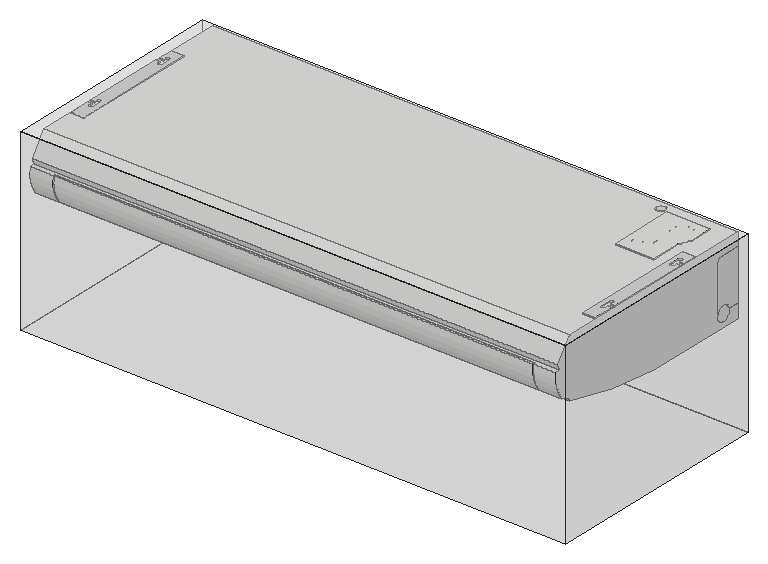
Revit family "outputfile", category 機械設備, Revit 2024
Family settings
  丸型コネクタ寸法 = 半径を使用
  パーツ タイプ = 標準
  OmniClass 番号 = 23.75.10.24.21.27.27
  OmniClass タイトル = Split System Air Conditioning Units
  作業面ベース = いいえ
  常に垂直 = はい
  ロード時にボイドで切り取り = いいえ
  注釈の向きを維持 = いいえ
  共有 = いいえ
  部屋計算ポイント = はい
Parameters (values of type "FHA140BVMA")
  Description = ""
  製造元 = "Daikin"
  書き出し IFC クラス(タイプ) = "IfcUnitaryEquipmentType"
  定義済み IFC タイプ(タイプ) = "AIRCONDITIONINGUNIT"
  Cost = 0
  モデル = "FHA140BVMA"
  Type Comments = ""
  Keynote = ""
  Type Image = (empty or 0)
  Assembly Code = ""
  switch_frequency = yes
  r_Liquid Pipe Size = Liquid Pipe Size / 2  # 4.75 mm
  r_Gas Pipe Size = Gas Pipe Size / 2  # 7.95 mm
  r_Drain Pipe Size = Drain Pipe Size / 2  # 10.0 mm
  l_powersupply [instance] = if(Rear Right Connection_powersupply, 29.0 mm, 175.0 mm)  # 29.0 mm
  h_mountinghole = 2.0 mm  # constant formula
  connector_voltage = Voltage_50Hz  # 230 V
  connector_powerinput = [Power Input (Cooling)]  # 4.130 kW
  connector_phase = Phase_50Hz  # 1
  angle_vertical_powersupply [instance] = if(Rear Right Connection_powersupply, 90.00°, 180.00°)  # 90.00°
  angle_vertical_drainpipe [instance] = if(or(Left Connection_drainpipe, Right Connection_drainpipe), 90.00°, if(Top Connection_drainpipe, 180.00°, -90.00°))  # -90.00°
  angle_horizontal_powersupply [instance] = if(Rear Right Connection_powersupply, 180.00°, 0.00°)  # 180.00°
  angle_horizontal_drainpipe [instance] = if(Right Connection_drainpipe, 90.00°, if(Left Connection_drainpipe, -90.00°, 0.00°))  # 0.00°
  Voltage_comment_60Hz = "220-230"
  Voltage_comment_50Hz = "220 - 240"
  Voltage_60Hz = 220 V
  Voltage_50Hz = 230 V
  URL = ""
  Total Heating Capacity [instance] = 0.000 kW
  Top Connection_refrigerant [instance] = no
  Top Connection_powersupply [instance] = not(Rear Right Connection_powersupply)  # no
  Right Connection_refrigerant [instance] = no
  Rear Right Connection_refrigerant [instance] = yes
  Power Input (Heating) = 4.770 kW
  Phase_60Hz = 1
  Phase_50Hz = 1
  Nominal Heating Capacity = 16.500 kW
  Minimum Circuit Amps_60Hz = 0.0 A
  Minimum Circuit Amps_50Hz = 0.0 A
  Maximum Fuse Amps_60Hz = 0.0 A
  Maximum Fuse Amps_50Hz = 0.0 A
  Material_Casing = DAIKIN_White_Casing_indoorunit
  lw_powersupply [instance] = if(Rear Right Connection_powersupply, 220.0 mm, 210.0 mm)  # 220.0 mm
  lw_mountinghole_pitch = Width - 40.0 mm  # 1550.0 mm
  lw_mountinghole = 20.0 mm  # constant formula
  lw_liquidpipe [instance] = if(Right Connection_refrigerant, 156.0 mm, if(Top Connection_refrigerant, 156.0 mm, 136.0 mm))  # 136.0 mm
  lw_gaspipe = 105.0 mm  # constant formula
  lw_drainpipe [instance] = if(Top Connection_drainpipe, 102.0 mm, if(Width = 960.0 mm, if(or(Left Connection_drainpipe, Rear Left Connection_drainpipe), 884.0 mm, 83.0 mm), if(Width = 1270.0 mm, if(or(Left Connection_drainpipe, Rear Left Connection_drainpipe), 1194.0 mm, 83.0 mm), if(Width = 1590.0 mm, if(or(Left Connection_drainpipe, Rear Left Connection_drainpipe), 1514.0 mm, 83.0 mm), 83.0 mm))))  # 83.0 mm
  lh_powersupply = 175.0 mm  # constant formula
  lh_liquidpipe [instance] = if(Rear Right Connection_refrigerant, 160.0 mm, 131.0 mm)  # 160.0 mm
  lh_gaspipe [instance] = if(Rear Right Connection_refrigerant, 150.0 mm, 91.0 mm)  # 150.0 mm
  lh_drainpipe = 197.0 mm  # constant formula
  l_antena = 1.0 mm  # constant formula
  ld_powersupply = 30.0 mm  # constant formula
  ld_mountinghole_pitch = 260.0 mm  # constant formula
  ld_mountinghole = 210.0 mm  # constant formula
  ld_liquidpipe [instance] = if(Right Connection_refrigerant, 57.0 mm, if(Top Connection_refrigerant, 189.0 mm, 221.0 mm))  # 221.0 mm
  ld_gaspipe [instance] = if(Right Connection_refrigerant, 57.0 mm, if(Top Connection_refrigerant, 163.0 mm, 214.0 mm))  # 214.0 mm
  ld_drainpipe [instance] = if(or(Left Connection_drainpipe, Right Connection_drainpipe), 57.0 mm, if(Top Connection_drainpipe, 87.0 mm, 268.0 mm))  # 268.0 mm
  l_liquidpipe_length [instance] = if(Right Connection_refrigerant, 156.0 mm, if(Top Connection_refrigerant, 131.0 mm, 220.0 mm))  # 220.0 mm
  l_gaspipe_length [instance] = if(Right Connection_refrigerant, 105.0 mm, if(Top Connection_refrigerant, 91.0 mm, 213.0 mm))  # 213.0 mm
  l_drainpipe_length [instance] = if(Right Connection_drainpipe, 83.0 mm, if(Top Connection_drainpipe, 197.0 mm, if(Left Connection_drainpipe, 76.0 mm, 267.0 mm)))  # 267.0 mm
  h*** = 0.0 mm  # constant formula
  angle_vertical [instance] = if(Right Connection_refrigerant, 90.00°, if(Top Connection_refrigerant, 180.00°, -90.00°))  # -90.00°
  angle_horizontal [instance] = if(Right Connection_refrigerant, 90.00°, 0.00°)  # 0.00°
  Width = 1590.0 mm
  Version = "ver.1.0"
  Unit Type = "Ceiling"
  Unit Mass Weight = 38.00 kg
  Unit Designation [instance] = ""
  Uniclass2015Version = "Products v1.30"
  Uniclass2015Title = "Split coil room air conditioning units"
  Uniclass2015Code = "Pr_70_65_03_86"
  Total Cooling Capacity [instance] = 0.000 kW
  Top Connection_drainpipe [instance] = no
  Sound Pressure Level_M speed (dBA) = 42
  Sound Pressure Level_L speed (dBA) = 38
  Sound Pressure Level_H speed (dBA) = 46
  Series = "SkyAir_Fan Coil Unit"
  Sensible Cooling Capacity [instance] = 0.000 kW
  Rear Right Connection_drainpipe [instance] = yes
  Rear Right Connection_powersupply [instance] = yes
  Right Connection_drainpipe [instance] = no
  Refrigerant Type = "R32"
  Power Input (Cooling) = 4.130 kW
  Option Accessory 3 [instance] = ""
  Option Accessory 2 [instance] = ""
  Option Accessory 1 [instance] = ""
  Nominal Cooling Capacity = 14.000 kW
  Minimum Airflow = 1440.00 m³/h
  Median Airflow = 1740.00 m³/h
  Maximum Airflow = 1920.00 m³/h
  Load Classification = HVAC
  Liquid Pipe Size = 9.5 mm
  Link_Nested Family [instance] = ""
  Rear Left Connection_drainpipe [instance] = no
  Left Connection_drainpipe [instance] = no
  IfcVersion = ""
  IfcExportType = "AIRCONDITIONINGUNIT"
  IfcExportAs = "IfcUnitaryEquipmentType"
  Height = 235.0 mm
  Heating Entering Wet Bulb Temperature [instance] = -273.15 °C
  Heating Entering Dry Bulb Temperature [instance] = -273.15 °C
  Heating Ambient Wet Bulb Temperature [instance] = -273.15 °C
  Heating Ambient Dry Bulb Temperature [instance] = -273.15 °C
  Heat Exchanger Type = "Cross Fin Coil"
  Gas Pipe Size = 15.9 mm
  Frequency_60Hz = 60 Hz
  Frequency_50Hz = 50 Hz
  Fan Type = "Sirocco Fan"
  Fan Drive = "-"
  FCU Tag No. [instance] = ""
  Drain Pipe Size = 20.0 mm
  Design Supply Airflow [instance] = 0.00 m³/h
  Design Outdoor Airflow [instance] = 0.00 m³/h
  Depth = 690.0 mm
  既定の高さ = 0.0 mm
  Cooling Entering Wet Bulb Temperature [instance] = 0.00 °C
  Cooling Entering Dry Bulb Temperature [instance] = 0.00 °C
  Cooling Ambient Wet Bulb Temperature [instance] = 0.00 °C
  Cooling Ambient Dry Bulb Temperature [instance] = 0.00 °C
  Clearance visibility [instance] = yes
  Clearance Top = 5.0 mm
  Clearance Right = 30.0 mm
  Clearance Rear = 0.0 mm
  Clearance Left = 30.0 mm
  Clearance Front = 0.0 mm
  Clearance Bottom = 300.0 mm
Reference planes
  plane 1 "Back": y = 0
  plane 2: z = 0
  plane 3 "Center (Left/Right)": x = 0
  plane 4 "Center (Front/Back)": y = -1
  plane 5 "Front": y = -690
  plane 6 "Left": x = -795
  plane 7 "Right": x = 795
  plane 8 "Top": z = 0
  plane 9 "Bottom": z = -235
  plane 10: y = -690
  plane 11: x = -825
  plane 12: x = 825
  plane 13: z = 5
  plane 14: z = -535
  plane 15: y = 0
  plane 16 "lw_mountinghole": x = -775
  plane 17 "lw_mountinghole2": x = 775
  plane 18 "ld_mountinghole": y = -210
  plane 19 "ld_mountinghole2": y = -470
  plane 20 "lw_gaspipe": x = 690
  plane 21 "ld_gaspipe": y = -214
  plane 22 "lh_gaspipe": z = -150
  plane 23 "lw_liquidpipe": x = 659
  plane 24 "ld_liquidpipe": y = -221
  plane 25 "lh_liquidpipe": z = -160
  plane 26 "ld_drainpipe": y = -268
  plane 27 "lw_drainpipe": x = 712
  plane 28 "lh_drainpipe": z = -197
  plane 29 "lw_powersupply": x = 575
  plane 30 "lh_powersupply": z = -175
  plane 31 "ld_powersupply": y = -30
  plane 32: x = -725.5
  plane 33: x = 725.5
  plane 34: x = -750
  plane 35: x = 750
  plane 36: x = -2
  plane 37: x = 2
Forms (mm)
  Extrusion 1, solid, material "DAIKIN_White_Casing_indoorunit" <- "Material_Casing"
    sketch origin (0, 0, 0) x (0, 1, 0) y (0, 0, 1)
      loop
        line (-639.277, 0) -> (-680.876, -61.699) -> (-675.026, -77.772)
        arc (-675.026, -77.772) -> (-681.815, -78.743) -> (-688.601, -79.732) r 2634.132
        arc (-688.601, -79.732) -> (-687.018, -121.096) -> (-669.159, -158.439) r 102.2
        line (-669.159, -158.439) -> (-639.858, -169.325) -> (-635.895, -178.261)
        arc (-635.895, -178.261) -> (-479.121, -215.759) -> (-319.077, -235) r 1400.997
        line (-319.077, -235) -> (-1, -235) -> (-1, 0) -> (-639.277, 0)
    from -795 to 795
  Extrusion 2, solid, material "DAIKIN_White_Casing_indoorunit" <- "Material_Casing"
    sketch origin (0, 0, 0) x (0, 1, 0) y (0, 0, 1)
      loop
        arc (-688.601, -79.732) -> (-687.018, -121.096) -> (-669.159, -158.439) r 102.2
        line (-669.159, -158.439) -> (-665.589, -154.869)
        arc (-665.589, -154.869) -> (-682.432, -118.783) -> (-683.39, -78.971) r 97.2
        arc (-683.39, -78.971) -> (-685.996, -79.351) -> (-688.601, -79.732) r 2634.132
    from -725.5 to 725.5
  Extrusion 3, void
    sketch origin (0, 0, 0) x (0, 1, 0) y (0, 0, 1)
      loop
        line (-301.098, -235) -> (-21.098, -235) -> (-21.098, -230) -> (-301.098, -230) -> (-301.098, -235)
    from -750 to 750
  Extrusion 4, solid, material "DAIKIN_White_Grille_indoorunit"
    sketch origin (0, 0, 0) x (0, 1, 0) y (0, 0, 1)
      loop
        line (-20.098, -230) -> (-301.098, -230) -> (-301.098, -235) -> (-20.098, -235) -> (-20.098, -230)
    from -750 to -2
  Extrusion 5, solid, material "DAIKIN_White_Casing_indoorunit" <- "Material_Casing"
    sketch origin (0, 0, 0) x (1, 0, 0) y (0, 0, 1)
      loop
        line (602, -63) -> (602, -178) -> (673, -220) -> (736, -220) -> (736, -63) -> (602, -63)
    from 0 to 1
  Extrusion 6, solid, material "DAIKIN_White_Casing_indoorunit" <- "Material_Casing"
    sketch origin (0, 0, 0) x (-1, 0, 0) y (0, -1, 0)
      loop
        line (-607, 35) -> (-607, 230) -> (-723, 230) -> (-723, 135) -> (-738, 105) -> (-738, 35) -> (-607, 35)
    from 0 to 1.9
  Extrusion 7, void
    sketch origin (795, 0, 0) x (0, 1, 0) y (0, 0, 1)
      loop
        arc (-79.5, -197) -> (-55.446, -219.446) -> (-34.715, -193.9) r 22.5
        line (-34.715, -193.9) -> (-1, -193.9) -> (-1, -192.1) -> (-35.04, -192.1)
        arc (-35.04, -192.1) -> (-54.942, -174.594) -> (-77.7, -188.182) r 22.5
        line (-77.7, -188.182) -> (-77.7, -45)
        arc (-77.7, -45) -> (-76.528, -42.172) -> (-73.7, -41) r 4
        line (-73.7, -41) -> (-1, -41) -> (-1, -39.2) -> (-73.7, -39.2)
        arc (-73.7, -39.2) -> (-77.801, -40.899) -> (-79.5, -45) r 5.8
        line (-79.5, -45) -> (-79.5, -197)
      loop
        circle (-57, -197) r 20.7
    from 0 to -10
  Extrusion 8, void
    sketch origin (-1444.026, -1, 1200) x (1, 0, 0) y (0, 0, 1)
      loop
        arc (715.026, -1375) -> (704.42, -1379.393) -> (700.026, -1390) r 15
        line (700.026, -1390) -> (700.026, -1400)
        arc (700.026, -1400) -> (704.42, -1410.607) -> (715.026, -1415) r 15
        line (715.026, -1415) -> (745.026, -1415)
        arc (745.026, -1415) -> (755.633, -1410.607) -> (760.026, -1400) r 15
        line (760.026, -1400) -> (760.026, -1390)
        arc (760.026, -1390) -> (755.633, -1379.393) -> (745.026, -1375) r 15
        line (745.026, -1375) -> (715.026, -1375)
    from 0 to 10
  Extrusion 9, void
    sketch origin (-795, 0, 0) x (0, 1, 0) y (0, 0, 1)
      loop
        circle (-57, -197) r 22.5
    from 0 to 10
  Extrusion 10, void
    sketch origin (-1444.026, -1, 1200) x (1, 0, 0) y (0, 0, 1)
      loop
        circle (2136.026, -1375) r 44
    from 0 to 10
  Extrusion 11, void
    sketch origin (0, 0, 0) x (-1, 0, 0) y (0, -1, 0)
      loop
        circle (-693, 87) r 30
    from 0 to -10
  Extrusion 12, void
    sketch origin (0, 0, 0) x (-1, 0, 0) y (0, -1, 0)
      loop
        circle (-690, 163) r 18
    from 0 to -10
  Extrusion 13, void
    sketch origin (0, 0, 0) x (-1, 0, 0) y (0, -1, 0)
      loop
        circle (-639, 189) r 13
    from 0 to -10
  Extrusion 14, void
    sketch origin (-1444.026, -1, 1200) x (1, 0, 0) y (0, 0, 1)
      loop
        circle (2019.026, -1375) r 14.5
    from 0 to 10
  Extrusion 15, void
    sketch origin (0, 0, 0) x (-1, 0, 0) y (0, -1, 0)
      loop
        circle (-585, 30) r 14.5
    from 0 to -10
  Extrusion 16, void
    sketch origin (795, 0, 0) x (0, 1, 0) y (0, 0, 1)
      loop
        arc (-665.589, -154.869) -> (-682.432, -118.783) -> (-683.39, -78.971) r 97.2
        arc (-683.39, -78.971) -> (-685.996, -79.351) -> (-688.601, -79.732) r 2634.132
        arc (-688.601, -79.732) -> (-687.018, -121.096) -> (-669.159, -158.439) r 102.2
        line (-669.159, -158.439) -> (-665.589, -154.869)
    from -69.5 to -1520.5
  Extrusion 17, solid, material "DAIKIN_White_Casing_indoorunit" <- "Material_Casing"
    sketch origin (-795, 0, 0) x (0, 1, 0) y (0, 0, 1)
      loop
        circle (-57, -197) r 22.5
    from 0 to 10
  Extrusion 18, solid, material "DAIKIN_White_Grille_indoorunit"
    sketch origin (780, 0, 0) x (0, 1, 0) y (0, 0, 1)
      loop
        line (-20.098, -230) -> (-301.098, -230) -> (-301.098, -235) -> (-20.098, -235) -> (-20.098, -230)
    from -782 to -778
  Extrusion 19, solid, material "DAIKIN_White_Grille_indoorunit"
    sketch origin (0, 0, 0) x (0, 1, 0) y (0, 0, -1)
      loop
        line (-20.098, 230) -> (-20.098, 235) -> (-301.098, 235) -> (-301.098, 230) -> (-20.098, 230)
    from -750 to -2
Cuts and joins
  Extrusion 3, Extrusion 7, Extrusion 8, Extrusion 9, Extrusion 10, Extrusion 11, Extrusion 12, Extrusion 13, Extrusion 14, Extrusion 15, Extrusion 16 cuts Extrusion 1
Lines and regions (mm)
  reference lines
    curve 1: line (795, -580.282, -192.75) -> (795, -551.225, -200.21)
Dimensions and locks
  equal spacing: plane 6 "Left", plane 3 "Center (Left/Right)", plane 7 "Right"
  "Width": plane 6 "Left" to plane 7 "Right"
  "Depth": plane 5 "Front" to plane 1 "Back"
  "Height": plane 8 "Top" to plane 9 "Bottom"
  "Clearance Front": plane 10 to plane 5 "Front"
  "Clearance Left": plane 11 to plane 6 "Left"
  "Clearance Right": plane 7 "Right" to plane 12
  "Clearance Top": plane 13 to plane 8 "Top"
  "Clearance Bottom": plane 9 "Bottom" to plane 14
  "Clearance Rear": plane 1 "Back" to plane 15
  locked: plane 4 "Center (Front/Back)" to plane 1 "Back" at 1
  locked: Extrusion 1 sketch curve to Extrusion 1 sketch curve at 235
  locked: Extrusion 1 sketch curve to Extrusion 1 sketch curve at 318.077
  locked: Extrusion 1 sketch curve to Extrusion 1 sketch curve at 1163.297
  locked: Extrusion 1 sketch curve to Extrusion 1 sketch curve at 231.144
  Extrusion 3 sketch curve to Extrusion 3 sketch curve to plane 1 "Back" = 280.0 mm locked, 21.098 mm locked
  "ld_mountinghole": plane 18 "ld_mountinghole" to plane 1 "Back"
  "ld_mountinghole_pitch": plane 18 "ld_mountinghole" to plane 19 "ld_mountinghole2"
  "lw_mountinghole_pitch": plane 16 "lw_mountinghole" to plane 17 "lw_mountinghole2"
  "lw_mountinghole": plane 6 "Left" to plane 16 "lw_mountinghole"
  "lw_gaspipe": plane 20 "lw_gaspipe" to plane 7 "Right"
  "ld_gaspipe": plane 1 "Back" to plane 21 "ld_gaspipe"
  "lw_liquidpipe": plane 23 "lw_liquidpipe" to plane 7 "Right"
  "ld_liquidpipe": plane 1 "Back" to plane 24 "ld_liquidpipe"
  "lw_drainpipe": plane 27 "lw_drainpipe" to plane 7 "Right"
  "ld_drainpipe": plane 26 "ld_drainpipe" to plane 1 "Back"
  plane 8 "Top" to Extrusion 5 sketch curve to Extrusion 5 sketch curve = 63.0 mm locked, 157.0 mm locked
  plane 7 "Right" to Extrusion 5 sketch curve to Extrusion 5 sketch curve = 59.0 mm locked, 134.0 mm locked
  locked: Extrusion 5 sketch curve to Extrusion 5 sketch curve at 115
  locked: Extrusion 5 sketch curve to Extrusion 5 sketch curve at 63
  locked: Extrusion 6 sketch curve to Extrusion 6 sketch curve at 195
  locked: Extrusion 6 sketch curve to Extrusion 6 sketch curve at 116
  locked: Extrusion 6 sketch curve to Extrusion 6 sketch curve at 131
  locked: Extrusion 6 sketch curve to Extrusion 6 sketch curve at 100
  locked: Extrusion 6 sketch curve to plane 1 "Back" at 35
  locked: Extrusion 6 sketch curve to plane 7 "Right" at 57
  locked: Extrusion 8 sketch curve to Extrusion 8 sketch curve at 40
  locked: Extrusion 8 sketch curve to Extrusion 8 sketch curve at 60
  locked: plane 8 "Top" to Extrusion 8 sketch curve at 175
  locked: Extrusion 8 sketch curve to plane 6 "Left" at 51
  locked: plane 7 "Right" to Extrusion 10 sketch curve at 103
  locked: plane 8 "Top" to Extrusion 10 sketch curve at 175
  locked: Extrusion 11 sketch curve to plane 1 "Back" at 87
  locked: Extrusion 11 sketch curve to plane 7 "Right" at 102
  locked: Extrusion 12 sketch curve to plane 1 "Back" at 163
  locked: Extrusion 12 sketch curve to plane 7 "Right" at 105
  locked: Extrusion 13 sketch curve to plane 1 "Back" at 189
  locked: Extrusion 13 sketch curve to plane 7 "Right" at 156
  "lw_powersupply": plane 29 "lw_powersupply" to plane 7 "Right"
  "lh_gaspipe": plane 8 "Top" to plane 22 "lh_gaspipe"
  "lh_liquidpipe": plane 8 "Top" to plane 25 "lh_liquidpipe"
  "lh_powersupply": plane 8 "Top" to plane 30 "lh_powersupply"
  "lh_drainpipe": plane 8 "Top" to plane 28 "lh_drainpipe"
  "ld_powersupply": plane 1 "Back" to plane 31 "ld_powersupply"
  locked: plane 8 "Top" to Extrusion 7 sketch curve at 197
  locked: Extrusion 7 sketch curve to plane 1 "Back" at 57
  locked: plane 9 "Bottom" to Extrusion 7 sketch curve at 41.1
  locked: Extrusion 7 sketch curve to plane 8 "Top" at 41
  locked: Extrusion 7 sketch curve to plane 1 "Back" at 79.5
  locked: Extrusion 9 sketch curve to plane 1 "Back" at 57
  locked: plane 8 "Top" to Extrusion 9 sketch curve at 197
  locked: Extrusion 17 sketch curve to plane 1 "Back" at 57
  locked: plane 8 "Top" to Extrusion 17 sketch curve at 197
  locked: plane 7 "Right" to Extrusion 14 sketch curve at 220
  locked: plane 8 "Top" to Extrusion 14 sketch curve at 175
  locked: Extrusion 15 sketch curve to plane 7 "Right" at 210
  locked: Extrusion 15 sketch curve to plane 1 "Back" at 30
  locked: curve 1 to plane 9 "Bottom" at 34.79
  locked: curve 1 to plane 9 "Bottom" at 42.25
  locked: plane 6 "Left" to plane 32 at 69.5
  locked: plane 33 to plane 7 "Right" at 69.5
  locked: plane 35 to plane 7 "Right" at 45
  locked: plane 6 "Left" to plane 34 at 45
  plane 36 to plane 3 "Center (Left/Right)" to plane 37 = 2.0 mm locked, 2.0 mm locked
  locked: curve 1 to plane 9 "Bottom" (angle 14.40°)
  aligned and locked: level to plane 2
  aligned and locked: nested 1 to plane 11
  aligned and locked: nested 1 to plane 12
  aligned and locked: nested 1 to plane 10
  aligned and locked: plane 13 to nested 1
  aligned and locked: plane 14 to nested 1
  aligned and locked: plane 15 to nested 1
  aligned and locked: Extrusion 1 sketch curve to plane 8 "Top"
  aligned and locked: Extrusion 2 sketch curve to Extrusion 1  (x2)
  aligned and locked: plane 7 "Right" to Extrusion 1
  aligned and locked: Extrusion 1 to plane 6 "Left"
  aligned and locked: cut or joined group 1 (Extrusion 1, Extrusion 3, Extrusion 7, Extrusion 8, Extrusion 9, Extrusion 10, Extrusion 11, Extrusion 12, Extrusion 13, Extrusion 14, Extrusion 15, Extrusion 16) to Extrusion 3 sketch curve
  aligned and locked: cut or joined group 1 to Extrusion 4 sketch curve
  aligned and locked: Extrusion 5 to plane 4 "Center (Front/Back)"
  aligned and locked: Extrusion 7 sketch curve to plane 4 "Center (Front/Back)"
  aligned and locked: Extrusion 16 sketch curve to Extrusion 2  (x4)
  aligned and locked: Extrusion 16 to Extrusion 2  (x2)
  aligned and locked: nested 2 to plane 26 "ld_drainpipe"
  aligned and locked: plane 27 "lw_drainpipe" to nested 2
  aligned and locked: plane 20 "lw_gaspipe" to nested 3
  aligned and locked: nested 3 to plane 21 "ld_gaspipe"
  aligned and locked: plane 23 "lw_liquidpipe" to nested 4
  aligned and locked: nested 4 to plane 24 "ld_liquidpipe"
  aligned and locked: plane 25 "lh_liquidpipe" to nested 4
  aligned and locked: nested 5 to plane 31 "ld_powersupply"
  aligned and locked: plane 29 "lw_powersupply" to nested 5
  aligned and locked: nested 7 to plane 18 "ld_mountinghole"
  aligned and locked: plane 16 "lw_mountinghole" to nested 7
  aligned and locked: nested 6 to plane 19 "ld_mountinghole2"
  aligned and locked: plane 16 "lw_mountinghole" to nested 6
  aligned and locked: nested 9 to plane 18 "ld_mountinghole"
  aligned and locked: plane 17 "lw_mountinghole2" to nested 9
  aligned and locked: plane 17 "lw_mountinghole2" to nested 8
  aligned and locked: nested 8 to plane 19 "ld_mountinghole2"
  aligned and locked: nested 10 to curve 1
  aligned and locked: level to plane 8 "Top"
  aligned and locked: cut or joined group 1 to plane 32
  aligned and locked: plane 33 to cut or joined group 1
  aligned and locked: Extrusion 16 to plane 32
  aligned and locked: plane 33 to Extrusion 16
  aligned and locked: Extrusion 4 to plane 34
  aligned and locked: cut or joined group 1 to plane 34
  aligned and locked: plane 34 to Extrusion 4  (x3)
  aligned and locked: plane 16 "lw_mountinghole" to nested 11
  aligned and locked: plane 17 "lw_mountinghole2" to nested 12
  aligned and locked: plane 36 to Extrusion 4
  aligned and locked: Extrusion 18 to plane 36
  aligned and locked: plane 37 to Extrusion 18
  aligned and locked: Extrusion 19 to plane 37
  aligned and locked: plane 37 to Extrusion 19
  aligned and locked: plane 35 to Extrusion 19
  aligned and locked: plane 35 to Extrusion 3
  aligned and locked: Extrusion 4 to cut or joined group 1
  aligned and locked: cut or joined group 1 to Extrusion 18
  aligned and locked: cut or joined group 1 to Extrusion 19
Automatic sketch dimensions
  Extrusion 1 sketch curve to plane 4 "Center (Front/Back)" = 0.0 mm
  Extrusion 1 sketch curve to plane 5 "Front" = 102.2 mm
  Extrusion 1 sketch curve to plane 30 "lh_powersupply" = 3.261 mm
  Extrusion 1 sketch curve to plane 5 "Front" = 50.723 mm
  plane 30 "lh_powersupply" to Extrusion 1 sketch curve = 5.675 mm
  Extrusion 1 sketch curve to Extrusion 1 sketch curve = 3.963 mm
  plane 25 "lh_liquidpipe" to Extrusion 1 sketch curve = 1.561 mm
  Extrusion 1 sketch curve to plane 5 "Front" = 20.841 mm
  Extrusion 1 sketch curve to plane 5 "Front" = 14.974 mm
  Extrusion 1 sketch curve to plane 5 "Front" = 9.124 mm
  Extrusion 1 sketch curve to plane 26 "ld_drainpipe" = 37.278 mm
  Extrusion 1 sketch curve to plane 14 = 2150.825 mm
  plane 22 "lh_gaspipe" to Extrusion 1 sketch curve = 53.413 mm
  Extrusion 1 sketch curve to level = 77.772 mm
  Extrusion 1 sketch curve to Extrusion 1 sketch curve = 16.072 mm
  Extrusion 2 sketch curve to Extrusion 2 sketch curve = 0.0 mm  (x2)
  plane 25 "lh_liquidpipe" to Extrusion 2 sketch curve = 1.561 mm
  Extrusion 2 sketch curve to plane 22 "lh_gaspipe" = 4.869 mm
  Extrusion 2 sketch curve to Extrusion 2 sketch curve = 3.57 mm
  Extrusion 3 sketch curve to Extrusion 3 sketch curve = 5.0 mm
  plane 31 "ld_powersupply" to Extrusion 4 sketch curve = 9.902 mm
  Extrusion 4 sketch curve to Extrusion 4 sketch curve = 5.0 mm
  Extrusion 6 sketch curve to Extrusion 6 sketch curve = 30.0 mm
  Extrusion 7 sketch curve to Extrusion 7 sketch curve = 0.0 mm  (x6)
  Extrusion 7 sketch curve to plane 4 "Center (Front/Back)" = 0.0 mm
  Extrusion 7 sketch curve to Extrusion 7 sketch curve = 1.8 mm  (x2)
  Extrusion 7 sketch curve to Extrusion 7 sketch curve = 4.0 mm
  Extrusion 7 sketch curve to Extrusion 7 sketch curve = 0.325 mm
  Extrusion 8 sketch curve to plane 32 = 3.5 mm  (x2)
  Extrusion 8 sketch curve to plane 28 "lh_drainpipe" = 3.0 mm
  Extrusion 8 sketch curve to Extrusion 8 sketch curve = 15.0 mm
  curve 1 to plane 5 "Front" = 109.718 mm
  Extrusion 18 sketch curve to plane 9 "Bottom" = 0.0 mm
  plane 9 "Bottom" to Extrusion 18 sketch curve = 5.0 mm
  Extrusion 18 sketch curve to plane 26 "ld_drainpipe" = 33.098 mm
  plane 31 "ld_powersupply" to Extrusion 18 sketch curve = 9.902 mm
  Extrusion 19 sketch curve to plane 9 "Bottom" = 0.0 mm
  plane 9 "Bottom" to Extrusion 19 sketch curve = 5.0 mm
  Extrusion 19 sketch curve to plane 26 "ld_drainpipe" = 33.098 mm
  plane 31 "ld_powersupply" to Extrusion 19 sketch curve = 9.902 mm
  Extrusion 4 sketch curve to plane 26 "ld_drainpipe" = 33.098 mm
  radius of Extrusion 7 sketch curve = 20.7 mm
  radius of Extrusion 9 sketch curve = 22.5 mm
  radius of Extrusion 10 sketch curve = 44.0 mm
  radius of Extrusion 11 sketch curve = 30.0 mm
  radius of Extrusion 12 sketch curve = 18.0 mm
  radius of Extrusion 13 sketch curve = 13.0 mm
  radius of Extrusion 14 sketch curve = 14.5 mm
  radius of Extrusion 15 sketch curve = 14.5 mm
  radius of Extrusion 17 sketch curve = 22.5 mm
Nested families
  nested 1: "daikin_clearancespace" at (0, -345, -264.881), visible <- "Clearance visibility", show <- "Clearance visibility", Link_Nested Family <- "Link_Nested Family", type "daikin_clearancespace"
    with width 1650.0 mm, show yes, height 540.0 mm, depth 690.0 mm, Link_Nested Family ""
  nested 2: "daikin_connector_rotate3" at (712, -268, -197), radius <- "r_Drain Pipe Size", angle_vertical <- "angle_vertical_drainpipe", angle_horizontal <- "angle_horizontal_drainpipe", length <- "l_drainpipe_length", type "daikin_connector_rotate3"
    with show no, radius 10.0 mm, length 267.0 mm, angle_vertical -90.00°, angle_horizontal 0.00°
  nested 3: "daikin_connector_rotate3" at (690, -214, -150), radius <- "r_Gas Pipe Size", angle_vertical <- "angle_vertical", angle_horizontal <- "angle_horizontal", length <- "l_gaspipe_length", type "daikin_connector_rotate3"
    with show no, radius 7.95 mm, length 213.0 mm, angle_vertical -90.00°, angle_horizontal 0.00°
  nested 4: "daikin_connector_rotate3" at (659, -221, -160), radius <- "r_Liquid Pipe Size", angle_vertical <- "angle_vertical", angle_horizontal <- "angle_horizontal", length <- "l_liquidpipe_length", type "daikin_connector_rotate3"
    with show no, radius 4.75 mm, length 220.0 mm, angle_vertical -90.00°, angle_horizontal 0.00°
  nested 5: "daikin_connector_rotate3" at (575, -30, -175), length <- "l_powersupply", angle_vertical <- "angle_vertical_powersupply", angle_horizontal <- "angle_horizontal_powersupply", type "daikin_connector_rotate3"
    with show no, radius 10.0 mm, length 29.0 mm, angle_vertical 90.00°, angle_horizontal 180.00°
  nested 6: "daikin_mountinghole" at (-775, -470, 0), l_antenna <- "l_antena", Link_Nested Family <- "Link_Nested Family", h_mountinghole <- "h_mountinghole", type "daikin_mountinghole"
    with show yes, l_antenna 1.0 mm, h_mountinghole 2.0 mm, Link_Nested Family ""
  nested 7: "daikin_mountinghole" at (-775, -210, 0), l_antenna <- "l_antena", Link_Nested Family <- "Link_Nested Family", h_mountinghole <- "h_mountinghole", type "daikin_mountinghole"
    with show yes, l_antenna 1.0 mm, h_mountinghole 2.0 mm, Link_Nested Family ""
  nested 8: "daikin_mountinghole" at (775, -470, 0), l_antenna <- "l_antena", Link_Nested Family <- "Link_Nested Family", h_mountinghole <- "h_mountinghole", type "daikin_mountinghole"
    with show yes, l_antenna 1.0 mm, h_mountinghole 2.0 mm, Link_Nested Family ""
  nested 9: "daikin_mountinghole" at (775, -210, 0), Link_Nested Family <- "Link_Nested Family", l_antenna <- "l_antena", h_mountinghole <- "h_mountinghole", type "daikin_mountinghole"
    with show yes, l_antenna 1.0 mm, h_mountinghole 2.0 mm, Link_Nested Family ""
  nested 10: "daikin_logo_plane_w40" at (647.963, -559.801, -198.008) x (1, 0, 0) z (0, -0.2487, -0.9686), type "daikin_logo_plane_w40"
    with show_logo yes
  nested 11: "daikin_hangerfixture_FHA-BVMA" at (-775, 0, 0), type "daikin_hangerfixture_FHA-BVMA"
    with width 38.0 mm, height 2.0 mm, depth 380.0 mm
  nested 12: "daikin_hangerfixture_FHA-BVMA" at (775, 0, 0) x (-1, 0, 0) z (0, 0, 1), type "daikin_hangerfixture_FHA-BVMA"
    with width 38.0 mm, height 2.0 mm, depth 380.0 mm
Connectors
  piping at (712, -1, -197), diameter 20, driven by "r_Drain Pipe Size"
    settings: on nested 2, index 1, connector inside diameter 609.6 mm, connector length 0.0 mm, flow factor 0, pipe flow 0.00 m³/h, pressure drop 0.0 Pa, fitting loss kfactor 0, connector angle 0.00°, fixture units 0, engagement length 0.0 mm, angle of deflection 0.00°, flow configuration 1, flow direction 2, fitting loss method 4, system type 16, joint type 0, gender type 0, connector reference index -1, connector utility 0, adjustable connector no, is connector primary yes, connector description "Condensate Drain Piping"
  piping at (690, -1, -150), diameter 15.9, driven by "r_Gas Pipe Size"
    settings: on nested 3, index 3, connector inside diameter 609.6 mm, connector length 0.0 mm, flow factor 0, pipe flow 0.00 m³/h, pressure drop 0.0 Pa, fitting loss kfactor 0, connector angle 0.00°, fixture units 0, engagement length 0.0 mm, angle of deflection 0.00°, flow configuration 1, flow direction 2, fitting loss method 0, system type 29, joint type 0, gender type 0, connector reference index -1, connector utility 0, adjustable connector no, is connector primary no, connector description "Refrigerant Gas Piping"
  piping at (659, -1, -160), diameter 9.5, driven by "r_Liquid Pipe Size"
    settings: on nested 4, index 4, connector inside diameter 609.6 mm, connector length 0.0 mm, flow factor 0, pipe flow 0.00 m³/h, pressure drop 0.0 Pa, fitting loss kfactor 0, connector angle 0.00°, fixture units 0, engagement length 0.0 mm, angle of deflection 0.00°, flow configuration 1, flow direction 1, fitting loss method 0, system type 29, joint type 0, gender type 0, connector reference index -1, connector utility 0, adjustable connector no, is connector primary no, connector description "Refrigerant Liquid Piping"
  electrical at (575, -1, -175), driven by "Load Classification", driven by "connector_powerinput", driven by "connector_phase", driven by "connector_voltage"
    settings: on nested 5, index 6, voltage 230 V, apparent load 4130 VA, apparent load phase1 0 VA, apparent load phase2 0 VA, apparent load phase3 0 VA, power factor 1, load classification "HVAC", number of poles 1, system type 30, power factor state 1, is connector primary yes, connector utility no, sub classification motor no, connector description "Power Supply"
Definition of nested family "daikin_clearancespace"
  Parameters (values of type "daikin_clearancespace")
    Description = "daikin_clearancespace"
    width [instance] = 1823.963 mm
    show [instance] = yes
    material = none
    height [instance] = 1359.762 mm
    depth [instance] = 880.0 mm
    Default Elevation = 0.0 mm
    Link_Nested Family [instance] = ""
  Reference planes
    plane 1 "Center (Front/Back)": y = 0
    plane 2 "Center (Elevation)": z = -0.119
    plane 3 "Center (Left/Right)": x = 0
    plane 4: y = 440
    plane 5: y = -440
    plane 6 "Right": x = 911.982
    plane 7 "Left": x = -911.982
    plane 8 "Top": z = 679.762
    plane 9 "Bottom": z = -680
  Forms (mm)
    Extrusion 1, solid, material <- "material", visible <- "show"
      sketch origin (0, 0, 0) x (1, 0, 0) y (0, 1, 0)
        loop
          line (-911.982, 440) -> (-911.982, -440) -> (911.982, -440) -> (911.982, 440) -> (-911.982, 440)
      from -680 to 679.762
  Lines and regions (mm)
    symbolic lines, visible <- "show"
      curve 1: line (911.982, 440, 0) -> (-911.982, 440, 0)
      curve 2: line (-911.982, 440, 0) -> (-911.982, -440, 0)
      curve 3: line (-911.982, -440, 0) -> (911.982, -440, 0)
      curve 4: line (911.982, -440, 0) -> (911.982, 440, 0)
      curve 5: line (911.982, 0, 679.762) -> (-911.982, 0, 679.762)
      curve 6: line (911.982, 0, -680) -> (911.982, 0, 679.762)
      curve 7: line (-911.982, 0, -680) -> (911.982, 0, -680)
      curve 8: line (-911.982, 0, 679.762) -> (-911.982, 0, -680)
      curve 9: line (0, 440, 679.762) -> (0, -440, 679.762)
      curve 10: line (0, -440, 679.762) -> (0, -440, -680)
      curve 11: line (0, 440, -680) -> (0, 440, 679.762)
      curve 12: line (0, -440, -680) -> (0, 440, -680)
  Dimensions and locks
    "width": plane 7 "Left" to plane 6 "Right"
    "depth": plane 4 to plane 5
    "height": plane 8 "Top" to plane 9 "Bottom"
    equal spacing: plane 7 "Left", plane 3 "Center (Left/Right)", plane 6 "Right"
    equal spacing: plane 4, plane 1 "Center (Front/Back)", plane 5
    equal spacing: plane 8 "Top", plane 2 "Center (Elevation)", plane 9 "Bottom"
    aligned and locked: level to plane 2 "Center (Elevation)"
    aligned and locked: Extrusion 1 sketch curve to plane 4
    aligned and locked: plane 7 "Left" to Extrusion 1 sketch curve
    aligned and locked: Extrusion 1 sketch curve to plane 5
    aligned and locked: Extrusion 1 sketch curve to plane 6 "Right"
    aligned and locked: plane 8 "Top" to Extrusion 1
    aligned and locked: curve 1 to Extrusion 1
    aligned and locked: curve 2 to Extrusion 1
    aligned and locked: curve 3 to Extrusion 1
    aligned and locked: curve 4 to Extrusion 1
    aligned and locked: curve 5 to Extrusion 1
    aligned and locked: curve 6 to Extrusion 1
    aligned and locked: curve 7 to Extrusion 1
    aligned and locked: curve 8 to Extrusion 1
    aligned and locked: curve 9 to Extrusion 1
    aligned and locked: curve 10 to Extrusion 1
    aligned and locked: curve 11 to Extrusion 1
    aligned and locked: curve 12 to Extrusion 1
    aligned and locked: Extrusion 1 to plane 9 "Bottom"
Definition of nested family "daikin_logo_plane_w40"
  Parameters (values of type "daikin_logo_plane_w40")
    width = 40.0 mm
    show_logo [instance] = yes
    material = none
    height = 0.0 mm
    depth = 0.0 mm
    Default Elevation = 1219.2 mm
  Reference planes
    plane 1 "Center (Front/Back)": y = 0
    plane 2: z = 0
    plane 3 "Center (Left/Right)": x = 0
    plane 4: z = 2
    plane 5 "left": x = -19
    plane 6: x = 19
  Forms (mm)
    Extrusion 1, solid, visible <- "show_logo"
      sketch origin (-19, 0, 0) x (1, 0, 0) y (0, 1, 0)
        loop
          line (8.902, -1.878) -> (7.789, -6.332) -> (11.13, -6.332)
          arc (11.13, -6.332) -> (12.454, -6.064) -> (13.472, -5.176) r 2.642
          arc (13.472, -5.176) -> (13.92, -4.02) -> (13.767, -2.79) r 2.537
          arc (13.767, -2.79) -> (13.452, -2.342) -> (12.982, -2.06) r 1.321
          arc (12.982, -2.06) -> (12.063, -1.902) -> (11.13, -1.878) r 6.479
          line (11.13, -1.878) -> (8.902, -1.878)
        loop
          line (10.016, -5.441) -> (10.907, -5.441)
          arc (10.907, -5.441) -> (11.591, -4.983) -> (11.988, -4.261) r 1.742
          spline (11.988, -4.261) -> (12.01, -4.155) -> (12.027, -4.03) -> (12.037, -3.893) -> (12.037, -3.747) -> (12.026, -3.598) -> (12.002, -3.451) -> (11.962, -3.31) -> (11.905, -3.181) -> (11.829, -3.069) -> (11.731, -2.978) -> (11.61, -2.913) -> (11.464, -2.88)
          line (11.464, -2.88) -> (10.573, -2.88) -> (10.016, -5.441)
        loop
          line (13.58, -6.332) -> (14.805, -6.332) -> (15.223, -5.553) -> (16.977, -5.553) -> (17.144, -6.332) -> (19.149, -6.332) -> (18.258, -1.878) -> (16.03, -1.878) -> (13.58, -6.332)
        loop
          line (16.476, -3.214) -> (15.76, -4.551) -> (16.762, -4.551) -> (16.476, -3.214)
        loop
          line (19.705, -6.332) -> (21.599, -6.332) -> (22.712, -1.878) -> (20.819, -1.878) -> (19.705, -6.332)
        loop
          line (22.712, -6.332) -> (24.606, -6.332) -> (24.908, -5.122) -> (25.831, -6.332) -> (28.17, -6.332) -> (26.388, -3.994) -> (28.949, -1.878) -> (26.945, -1.878) -> (25.401, -3.153) -> (25.719, -1.878) -> (23.826, -1.878) -> (22.712, -6.332)
        loop
          line (29.84, -1.878) -> (28.615, -6.332) -> (30.62, -6.332) -> (31.734, -1.878) -> (29.84, -1.878)
        loop
          line (31.734, -6.332) -> (33.07, -6.332) -> (33.7, -3.814) -> (34.518, -6.332) -> (36.745, -6.332) -> (37.859, -1.878) -> (36.523, -1.878) -> (35.845, -4.589) -> (34.963, -1.878) -> (32.847, -1.878) -> (31.734, -6.332)
      from 0 to 2
    Extrusion 2, solid, visible <- "show_logo"
      sketch origin (-19, 0, 0) x (1, 0, 0) y (0, 1, 0)
        loop
          line (8.7, 0) -> (4.235, 0) -> (0, -3.879) -> (0, -8) -> (8.7, 0)
      from 0 to 2
    Extrusion 3, solid, visible <- "show_logo"
      sketch origin (-19, 0, 0) x (1, 0, 0) y (0, 1, 0)
        loop
          line (0, 0) -> (0, -3.879) -> (4.235, 0) -> (0, 0)
      from 0 to 2
  Dimensions and locks
    plane 4 to plane 2 = 2.0 mm
    equal spacing: plane 5 "left", plane 3 "Center (Left/Right)", plane 6
    locked: plane 5 "left" to plane 6 at 38
    aligned and locked: level to plane 2
    aligned and locked: Extrusion 3 to plane 1 "Center (Front/Back)"  (x2)
    aligned and locked: Extrusion 2 to plane 1 "Center (Front/Back)"  (x2)
    aligned and locked: plane 4 to Extrusion 1
    aligned and locked: plane 4 to Extrusion 3
    aligned and locked: plane 4 to Extrusion 2
    aligned and locked: Extrusion 3 to plane 5 "left"
    aligned and locked: Extrusion 2 to plane 5 "left"
  Automatic sketch dimensions
    Extrusion 1 sketch curve to Extrusion 1 sketch curve = 0.901 mm
    Extrusion 1 sketch curve to Extrusion 1 sketch curve = 1.559 mm
    Extrusion 1 sketch curve to Extrusion 1 sketch curve = 1.327 mm
    Extrusion 1 sketch curve to Extrusion 1 sketch curve = 2.145 mm
    Extrusion 1 sketch curve to Extrusion 1 sketch curve = 1.448 mm
    Extrusion 1 sketch curve to Extrusion 1 sketch curve = 2.116 mm
    Extrusion 1 sketch curve to Extrusion 1 sketch curve = 1.114 mm  (x4)
    Extrusion 1 sketch curve to Extrusion 1 sketch curve = 1.336 mm  (x2)
    plane 1 "Center (Front/Back)" to Extrusion 1 sketch curve = 1.878 mm  (x5)
    Extrusion 1 sketch curve to Extrusion 1 sketch curve = 1.893 mm  (x5)
    Extrusion 1 sketch curve to Extrusion 1 sketch curve = 0.891 mm  (x4)
    Extrusion 1 sketch curve to Extrusion 1 sketch curve = 2.005 mm  (x3)
    Extrusion 1 sketch curve to Extrusion 1 sketch curve = 0.445 mm  (x2)
    plane 1 "Center (Front/Back)" to Extrusion 1 sketch curve = 3.994 mm
    Extrusion 1 sketch curve to Extrusion 1 sketch curve = 0.557 mm  (x2)
    Extrusion 1 sketch curve to Extrusion 1 sketch curve = 2.339 mm  (x2)
    Extrusion 1 sketch curve to Extrusion 1 sketch curve = 1.225 mm  (x3)
    plane 1 "Center (Front/Back)" to Extrusion 1 sketch curve = 3.153 mm
    Extrusion 1 sketch curve to Extrusion 1 sketch curve = 0.987 mm
    plane 1 "Center (Front/Back)" to Extrusion 1 sketch curve = 5.122 mm
    Extrusion 1 sketch curve to Extrusion 1 sketch curve = 0.922 mm
    plane 1 "Center (Front/Back)" to Extrusion 1 sketch curve = 6.332 mm
    Extrusion 1 sketch curve to Extrusion 1 sketch curve = 2.562 mm
    plane 1 "Center (Front/Back)" to Extrusion 1 sketch curve = 5.553 mm
    Extrusion 1 sketch curve to Extrusion 1 sketch curve = 0.167 mm
    Extrusion 1 sketch curve to Extrusion 1 sketch curve = 0.215 mm
    plane 1 "Center (Front/Back)" to Extrusion 1 sketch curve = 3.214 mm
    Extrusion 1 sketch curve to Extrusion 1 sketch curve = 0.286 mm
    plane 1 "Center (Front/Back)" to Extrusion 1 sketch curve = 4.551 mm
    Extrusion 1 sketch curve to Extrusion 1 sketch curve = 1.002 mm
    Extrusion 1 sketch curve to Extrusion 1 sketch curve = 0.537 mm
    Extrusion 1 sketch curve to Extrusion 1 sketch curve = 0.418 mm
    Extrusion 1 sketch curve to Extrusion 1 sketch curve = 1.028 mm
    plane 1 "Center (Front/Back)" to Extrusion 1 sketch curve = 4.261 mm
    Extrusion 1 sketch curve to Extrusion 1 sketch curve = 0.563 mm
    plane 1 "Center (Front/Back)" to Extrusion 1 sketch curve = 2.88 mm
    Extrusion 1 sketch curve to Extrusion 1 sketch curve = 1.088 mm
    Extrusion 1 sketch curve to Extrusion 1 sketch curve = 2.152 mm
    Extrusion 1 sketch curve to Extrusion 1 sketch curve = 0.586 mm
    Extrusion 1 sketch curve to Extrusion 1 sketch curve = 0.118 mm
    Extrusion 1 sketch curve to Extrusion 1 sketch curve = 0.298 mm
    Extrusion 1 sketch curve to Extrusion 1 sketch curve = 0.334 mm
    Extrusion 1 sketch curve to Extrusion 1 sketch curve = 0.223 mm
    Extrusion 1 sketch curve to Extrusion 1 sketch curve = 0.266 mm
    Extrusion 1 sketch curve to Extrusion 1 sketch curve = 1.671 mm
    Extrusion 1 sketch curve to Extrusion 1 sketch curve = 2.227 mm
    Extrusion 1 sketch curve to Extrusion 1 sketch curve = 0.0 mm  (x7)
    Extrusion 1 sketch curve to Extrusion 1 sketch curve = 3.453 mm
    Extrusion 1 sketch curve to Extrusion 1 sketch curve = 2.017 mm
    Extrusion 1 sketch curve to Extrusion 1 sketch curve = 0.78 mm  (x2)
    Extrusion 1 sketch curve to Extrusion 1 sketch curve = 1.743 mm
    Extrusion 1 sketch curve to Extrusion 1 sketch curve = 0.775 mm
    Extrusion 1 sketch curve to Extrusion 1 sketch curve = 0.552 mm
    Extrusion 1 sketch curve to Extrusion 1 sketch curve = 0.014 mm
    Extrusion 1 sketch curve to Extrusion 1 sketch curve = 0.952 mm
    Extrusion 1 sketch curve to Extrusion 1 sketch curve = 1.215 mm
    Extrusion 1 sketch curve to Extrusion 1 sketch curve = 0.108 mm
    plane 1 "Center (Front/Back)" to Extrusion 2 sketch curve = 0.0 mm
    Extrusion 2 sketch curve to plane 3 "Center (Left/Right)" = 19.0 mm
    Extrusion 2 sketch curve to plane 3 "Center (Left/Right)" = 14.765 mm
    Extrusion 2 sketch curve to Extrusion 2 sketch curve = 4.465 mm
    plane 1 "Center (Front/Back)" to Extrusion 2 sketch curve = 3.879 mm
    Extrusion 2 sketch curve to Extrusion 2 sketch curve = 4.12 mm
    plane 1 "Center (Front/Back)" to Extrusion 3 sketch curve = 0.0 mm
    Extrusion 3 sketch curve to plane 3 "Center (Left/Right)" = 19.0 mm
    Extrusion 3 sketch curve to plane 3 "Center (Left/Right)" = 14.765 mm
    plane 1 "Center (Front/Back)" to Extrusion 3 sketch curve = 3.879 mm
    Extrusion 1 sketch curve to plane 3 "Center (Left/Right)" = 11.211 mm
    Extrusion 1 sketch curve to Extrusion 1 sketch curve = 1.782 mm
Definition of nested family "daikin_hangerfixture_FHA-BVMA"
  Parameters (values of type "daikin_hangerfixture_FHA-CV2S")
    width = 44.0 mm
    material = none
    height = 155.0 mm
    depth = 33.0 mm
    Default Elevation = 0.0 mm
  Reference planes
    plane 1 "Center (Front/Back)": y = 0
    plane 2: z = 0
    plane 3 "Center (Left/Right)": x = 0
    plane 4: z = -2.3
    plane 5: z = -155
    plane 6: z = -12
  Forms (mm)
    Extrusion 1, solid
      sketch origin (0, 0, 0) x (1, 0, 0) y (0, 1, 0)
        loop
          line (20, -159) -> (-18, -159) -> (-18, -204) -> (-6, -204) -> (-6, -196)
          arc (-6, -196) -> (0, -190) -> (6, -196) r 6
          line (6, -196) -> (6, -224)
          arc (6, -224) -> (0, -230) -> (-6, -224) r 6
          line (-6, -224) -> (-6, -216) -> (-18, -216) -> (-18, -464) -> (-6, -464) -> (-6, -456)
          arc (-6, -456) -> (0, -450) -> (6, -456) r 6
          line (6, -456) -> (6, -484)
          arc (6, -484) -> (0, -490) -> (-6, -484) r 6
          line (-6, -484) -> (-6, -476) -> (-18, -476) -> (-18, -539) -> (20, -539) -> (20, -159)
      from 0 to 2
  Dimensions and locks
    plane 2 to plane 4 = 2.3 mm
    "height": plane 2 to plane 5
    locked: plane 2 to plane 6 at 12
    aligned and locked: level to plane 2
  Automatic sketch dimensions
    plane 3 "Center (Left/Right)" to Extrusion 1 sketch curve = 20.0 mm
    plane 1 "Center (Front/Back)" to Extrusion 1 sketch curve = 159.0 mm
    Extrusion 1 sketch curve to plane 3 "Center (Left/Right)" = 18.0 mm
    Extrusion 1 sketch curve to Extrusion 1 sketch curve = 380.0 mm
    Extrusion 1 sketch curve to Extrusion 1 sketch curve = 63.0 mm
    Extrusion 1 sketch curve to plane 3 "Center (Left/Right)" = 0.0 mm  (x4)
    plane 3 "Center (Left/Right)" to Extrusion 1 sketch curve = 6.0 mm
    Extrusion 1 sketch curve to Extrusion 1 sketch curve = 8.0 mm  (x4)
    Extrusion 1 sketch curve to Extrusion 1 sketch curve = 20.0 mm  (x2)
    Extrusion 1 sketch curve to Extrusion 1 sketch curve = 0.0 mm  (x2)
    Extrusion 1 sketch curve to Extrusion 1 sketch curve = 57.0 mm
    Extrusion 1 sketch curve to plane 3 "Center (Left/Right)" = 6.0 mm
Definition of nested family "daikin_connector_rotate3"
  Parameters (values of type "daikin_connector_rotate3")
    show [instance] = yes
    radius [instance] = 10.0 mm
    length [instance] = 600.0 mm
    angle_horizontal [instance] = 60.00°
    angle_vertical [instance] = 90.00°
    Default Elevation = 1219.2 mm
  Reference planes
    plane 1 "Center (Front/Back)": y = 0
    plane 2: z = 0
    plane 3 "Center (Left/Right)": x = 0
  Dimensions and locks
    "angle_horizontal": angle plane 3 "Center (Left/Right)" to nested 1
    aligned and locked: level to plane 2
    aligned and locked: plane 1 "Center (Front/Back)" to nested 1  (x2)
    aligned and locked: plane 3 "Center (Left/Right)" to nested 1
  Nested families
    nested 1: "daikin_connector_rotate2" at (0, 0, 0) x (0.5, 0.866, 0) z (0, 0, 1), angle_vertical <- "angle_vertical", length <- "length", radius <- "radius", type "daikin_connector_rotate2"
      with radius 10.0 mm, length 600.0 mm, angle_vertical 90.00°
  Definition of nested family "daikin_connector_rotate2"
    Parameters (values of type "daikin_connector_rotate2")
      show_face = yes
      radius [instance] = 10.0 mm
      length [instance] = 600.0 mm
      d_surface = 10.0 mm
      angle_vertical [instance] = 90.00°
      Default Elevation = 0.0 mm
    Reference planes
      plane 1 "Center (Front/Back)": y = 0
      plane 2: z = 0
      plane 3 "Center (Left/Right)": x = 0
    Forms (mm)
      Extrusion 1, solid, visible <- "show_face"
        sketch origin (0, -600, 0) x (1, 0, 0) y (0, 0, 1)
          loop
            circle (0, 0) r 10
        from 0 to -10
    Lines and regions (mm)
      reference lines
        curve 1: line (0, 0, 0) -> (0, -600, 0)
      symbolic lines
        curve 2: circle (0, 0, 0) r 5 normal (0, 0, 1)
      model lines, visible <- "show_face"
        curve 3: line (0, 0, 0) -> (0, -600, 0)
    Dimensions and locks
      "length": curve 1 to curve 1
      "length": curve 3 to curve 3
      "d_surface": Extrusion 1 to Extrusion 1
      "radius": radius of Extrusion 1 sketch curve
      "angle_vertical": angle curve 1 to plane 1 "Center (Front/Back)"
      "angle_vertical": angle curve 3 to plane 1 "Center (Front/Back)"
      aligned and locked: level to plane 2
      aligned and locked: plane 1 "Center (Front/Back)" to curve 1
      aligned and locked: plane 2 to curve 1
      aligned and locked: plane 1 "Center (Front/Back)" to curve 2
      aligned and locked: plane 3 "Center (Left/Right)" to curve 2
      aligned and locked: plane 1 "Center (Front/Back)" to curve 3
      aligned and locked: plane 2 to curve 3
      aligned and locked: Extrusion 1 to Extrusion 1
    Automatic sketch dimensions
      Extrusion 1 sketch curve to level = 0.0 mm
      Extrusion 1 sketch curve to plane 3 "Center (Left/Right)" = 0.0 mm
      radius of curve 2 = 5.0 mm
Definition of nested family "daikin_mountinghole"
  Parameters (values of type "daikin_mountinghole")
    Default Elevation = 1219.2 mm
    Type Comments = "mountinghole"
    show [instance] = yes
    material = none
    l_centerline = 100.0 mm
    l_antenna [instance] = 100.0 mm
    h_mountinghole [instance] = 0.0 mm
    d_circle = 30.0 mm
    Link_Nested Family [instance] = ""
  Reference planes
    plane 1 "Center (Front/Back)": y = 0
    plane 2: z = 0
    plane 3 "Center (Left/Right)": x = 0
    plane 4: y = 50
    plane 5: x = -50
    plane 6: x = 50
    plane 7: y = -50
    plane 8 "h_mountinghole": z = 0
    plane 9: z = 100
  Lines and regions (mm)
    model lines, detail levels fine
      curve 1: circle (0, 0, 0) r 15 normal (0, 0, 1)
      curve 2: line (-50, 0, 0) -> (50, 0, 0)
      curve 3: line (0, 50, 0) -> (0, -50, 0)
    symbolic lines, detail levels fine
      curve 4: circle (0, 0, 0) r 15 normal (0, 0, 1)
      curve 5: line (-50, 0, 0) -> (50, 0, 0)
      curve 6: line (0, 50, 0) -> (0, -50, 0)
    model lines
      curve 7: line (0, 0, 100) -> (0, 0, 0)
  Dimensions and locks
    equal spacing: plane 4, plane 1 "Center (Front/Back)", plane 7
    "l_centerline": plane 4 to plane 7
    equal spacing: plane 5, plane 3 "Center (Left/Right)", plane 6
    "l_centerline": plane 5 to plane 6
    "l_antenna": plane 9 to plane 8 "h_mountinghole"
    "h_mountinghole": plane 8 "h_mountinghole" to plane 2
    "d_circle": diameter of curve 1
    "d_circle": diameter of curve 4
    aligned and locked: level to plane 2
    aligned and locked: plane 1 "Center (Front/Back)" to curve 1
    aligned and locked: plane 3 "Center (Left/Right)" to curve 1
    aligned and locked: plane 1 "Center (Front/Back)" to curve 2
    aligned and locked: curve 3 to plane 3 "Center (Left/Right)"
    aligned and locked: plane 6 to curve 2
    aligned and locked: plane 5 to curve 2
    aligned and locked: plane 4 to curve 3
    aligned and locked: plane 7 to curve 3
    aligned and locked: plane 1 "Center (Front/Back)" to curve 4
    aligned and locked: plane 3 "Center (Left/Right)" to curve 4
    aligned and locked: plane 6 to curve 5
    aligned and locked: plane 5 to curve 5
    aligned and locked: plane 1 "Center (Front/Back)" to curve 5
    aligned and locked: plane 4 to curve 6
    aligned and locked: plane 7 to curve 6
    aligned and locked: curve 6 to plane 3 "Center (Left/Right)"
    aligned and locked: curve 7 to plane 3 "Center (Left/Right)"
    aligned and locked: plane 9 to curve 7
    aligned and locked: plane 8 "h_mountinghole" to curve 7
